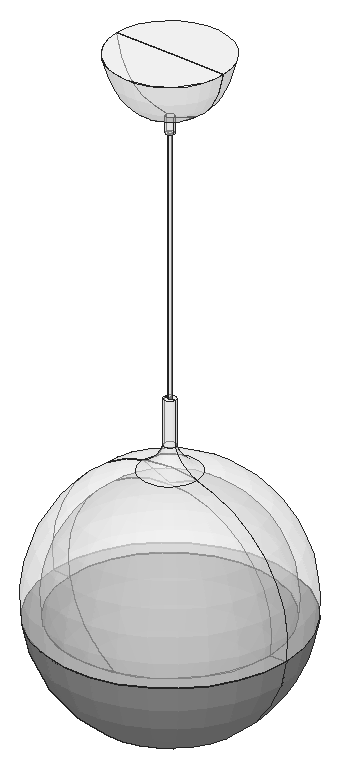
Revit family "luster ikea vaster", category Lighting Fixtures, Revit 2014
Parameters (values of type "100 Watt Incandescent")
  staklo = staklo
  plavo = plaavo
  Wattage = 150 W
  built-in parameter 1150110 = 1 (stored number, unit not read)
  built-in parameter 1114217 = 1 (stored number, unit not read)
  built-in parameter 1150109 = 1 (stored number, unit not read)
  built-in parameter 1150134 = 10
  built-in parameter 1150113 = 1 (stored number, unit not read)
  built-in parameter 1150105 = 1773.1 (stored number, unit not read)
  built-in parameter 1150115 = 1 (stored number, unit not read)
  Light Source Symbol Size = 25 cm
  built-in parameter 1150137 = (empty or 0)
  built-in parameter 1150139 = (empty or 0)
  built-in parameter 1150112 = 1 (stored number, unit not read)
  built-in parameter 1150114 = 1 (stored number, unit not read)
  Lamp = "A-21"
  Lumens = 22281.3 lm
  Wattage Comments = "100"
  built-in parameter 1150132 = (empty or 0)
  built-in parameter 1150102 = (empty or 0)
  built-in parameter 1150107 = 6430 (stored number, unit not read)
  built-in parameter 1150138 = (empty or 0)
  built-in parameter 1150106 = 17.731 (stored number, unit not read)
  built-in parameter 1150104 = 13.8 (stored number, unit not read)
  Dimming Lamp Color Temperature Shift = <None>
  Color Filter = 16777215
  built-in parameter 1114218 = 1 (stored number, unit not read)
  built-in parameter 1150133 = 10 (stored number, unit not read)
Types (2, lengths in cm): name | staklo | plavo | Wattage | built-in parameter 1150134 | built-in parameter 1150105 | Light Source Symbol Size | Lamp | Lumens | Wattage Comments | built-in parameter 1150132 | built-in parameter 1150107 | built-in parameter 1150106
  100 Watt Incandescent | staklo | plaavo | 150 W | 10 | 1773.1 (stored number, unit not read) | 25 | "A-21" | 22281.3 lm | "100" | (empty or 0) | 6430 (stored number, unit not read) | 17.731 (stored number, unit not read)
  60 Watt Incandescent | none | none | 7.27067 W | 3 | 85.944 (stored number, unit not read) | 60.96 | "A-19" | 1080 lm | "60" | 2 | 3200 (stored number, unit not read) | 0.85944 (stored number, unit not read)
Reference planes (cm)
  plane 1 "Center F/B": y = 0
  plane 2: z = 0
  plane 3 "Center L/R": x = 0
  plane 4 "Center Elevation": z = 143.8344
Forms (cm)
  Revolve 1, solid, material "plaavo" <- "plavo"
    sketch origin (0, 0, 0) x (1, 0, 0) y (0, 0, 1)
      loop
        arc (0, 158.8344) -> (-11.2916, 153.7086) -> (-14.8661, 141.8344) r 15
        line (-14.8661, 141.8344) -> (-12.8452, 141.8344)
        arc (-12.8452, 141.8344) -> (-9.8742, 152.2901) -> (0, 156.8344) r 13
        line (0, 156.8344) -> (0, 158.8344)
      axis (0, 158.8344) -> (0, 141.8344)
    angle from 0 to 360
  Revolve 2, solid, material "staklo" <- "staklo"
    sketch origin (0, 0, 287.6687) x (1, 0, 0) y (0, 0, -1)
      loop
        arc (0, 158.8344) -> (-9.8742, 155.126) -> (-14.8661, 145.8344) r 15
        line (-14.8661, 145.8344) -> (-12.8452, 145.8344)
        arc (-12.8452, 145.8344) -> (-8.4558, 153.7086) -> (0, 156.8344) r 13
        line (0, 156.8344) -> (0, 158.8344)
      axis (0, 158.8344) -> (0, 145.8344)
    angle from 0 to 360
  Revolve 3, solid, material "plaavo" <- "plavo"
    sketch origin (0, 0, 0) x (1, 0, 0) y (0, 0, 1)
      loop
        line (-0.7, 166.6407) -> (-0.7, 161.3172)
        spline (-0.7, 161.3172) -> (-0.8046, 160.9673) -> (-0.9532, 160.634) -> (-1.137, 160.3184) -> (-1.347, 160.0215) -> (-1.5745, 159.7443) -> (-1.8107, 159.4876) -> (-2.0488, 159.2525) -> (-2.2925, 159.0395) -> (-2.5475, 158.849) -> (-2.8199, 158.6817) -> (-3.1157, 158.5379) -> (-3.4409, 158.4182)
        line (-3.4409, 158.4182) -> (0, 157.0427) -> (0, 166.6407) -> (-0.7, 166.6407)
      axis (0, 166.6407) -> (0, 157.0427)
    angle from 0 to 360
  Extrusion 4, solid, material "plaavo" <- "plavo"
    sketch origin (0, 0, 166.6407) x (0, 1, 0) y (-1, 0, 0)
      loop
        circle (0, 0) r 0.25
    from 0 to 30.2684
  Revolve 5, solid, material "plaavo" <- "plavo"
    sketch origin (0, 0, 0) x (1, 0, 0) y (0, 0, 1)
      loop
        line (0, 196.9091) -> (0, 205.9558) -> (-6.8624, 205.9558)
        spline (-6.8624, 205.9558) -> (-6.4543, 204.433) -> (-6.0081, 203.1911) -> (-5.5311, 202.1963) -> (-5.0307, 201.4151) -> (-4.5142, 200.8141) -> (-3.9891, 200.3595) -> (-3.4626, 200.018) -> (-2.9379, 199.7565) -> (-2.3996, 199.5446) -> (-1.8275, 199.3525) -> (-1.2011, 199.1506) -> (-0.5, 198.9091)
        line (-0.5, 198.9091) -> (-0.5, 196.9091) -> (0, 196.9091)
      axis (0, 205.9558) -> (0, 196.9091)
    angle from 0 to 360
Lines and regions (cm)
  symbolic lines, style "InvisibleLines"
    curve 1: line (-20.32, 0, 0) -> (20.32, 0, 0)
    curve 2: line (0, -20.32, 0) -> (0, 22.86, 0)
Dimensions and locks (cm)
  aligned and locked: plane 3 "Center L/R" to imposter light
  aligned and locked: plane 1 "Center F/B" to imposter light
  aligned and locked: plane 4 "Center Elevation" to imposter light
